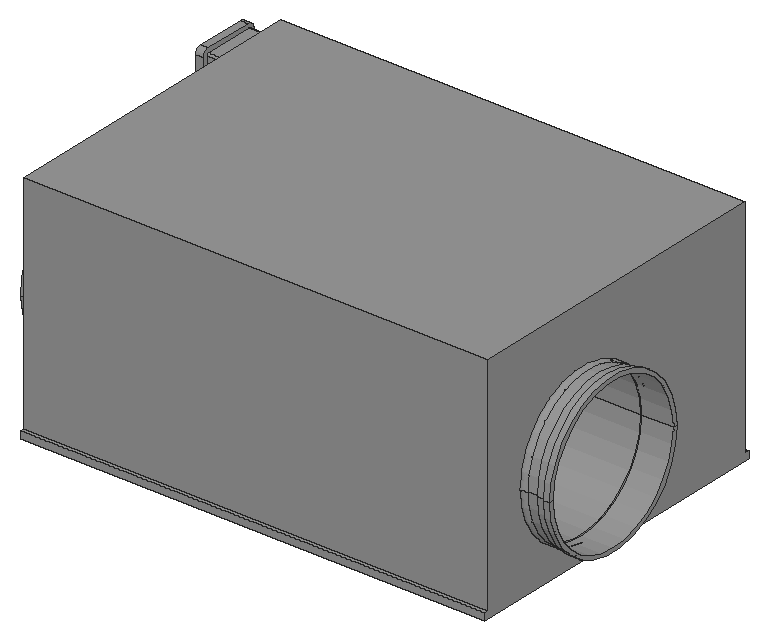
Revit family "IRB 200 A1 AC_7880035", category Mechanical Equipment, Revit 2014
Parameters (values of type "IRB 200 A1 AC")
  Wiring diagram = "4040001"
  Width = 702 mm
  Weight = 19.00 kg
  Voltage range = "220-240"
  Voltage = 230 V
  Speed = "2520 rpm"
  Sound pressure level at 3 m = "44 dB(A)"
  Power = 105 W
  Phase = 1
  Max. temperature of transported air when speed controlled = 70 °C
  Max. temperature of transported air = 70 °C
  Main Material = Steel, Galvanized
  Height = 507 mm
  Frequency = 50 Hz
  Elevation [instance] = 2600 mm
  Diameter = 200 mm
  Description = "Insulated duct fans with circular connections"
  Depth = 308 mm
  Current = 0.46 A
  Capacitor = "3"
Reference planes
  plane 1 "Center (Front/Back)": y = 0
  plane 2: z = 0
  plane 3 "Center (Left/Right)": x = 0
  plane 4: z = 2600
Dimensions and locks
  "Elevation": plane 4 to plane 2
  aligned and locked: level to plane 2
  aligned and locked: plane 1 "Center (Front/Back)" to nested 1
  aligned and locked: plane 3 "Center (Left/Right)" to nested 1
  aligned and locked: nested 1 to plane 4
  aligned and locked: nested 1 to nested 2  (x2)
Nested families
  nested 1: "IRB 200 A1 AC GEOMETRY" at (0, 0, 2600), type "IRB 200 A1 AC GEOMETRY"
  nested 2: "Flow direction symbol" at (0, 0, 0), type "Flow direction symbol"
Connectors
  electrical at (-351, 167.5, 2856.5), driven by "Phase", driven by "Voltage", driven by "Power"
    settings: on nested 1, index 1, voltage 230 V, apparent load 0 VA, apparent load phase1 105 VA, apparent load phase2 0 VA, apparent load phase3 0 VA, power factor 1, load classification "HVAC", number of poles 1, system type 31, power factor state 1, is connector primary yes, connector utility no, sub classification motor no, connector description ""
  hvac at (-351, -59, 2731.124), driven by "Diameter"
    settings: on nested 1, index 2, duct flow 0.0 L/s, flow factor 0, pres drop 0.0 Pa, loss coef 0, conn angle 0.00°, conn width 304.8 mm, conn height 304.8 mm, conn diameter 200 mm, duct sys type 1, conn prof type 0, flow config 0, flow direction 1, loss method 0, conn ref index -1, conn util no, is conn primary yes, conn desc ""
  hvac at (351, -59, 2731.124), driven by "Diameter"
    settings: on nested 1, index 3, duct flow 0.0 L/s, flow factor 0, pres drop 0.0 Pa, loss coef 0, conn angle 0.00°, conn width 304.8 mm, conn height 304.8 mm, conn diameter 200 mm, duct sys type 3, conn prof type 0, flow config 0, flow direction 2, loss method 0, conn ref index -1, conn util no, is conn primary no, conn desc ""
Definition of nested family "IRB 200 A1 AC GEOMETRY"
  Parameters (values of type "03_IRB 200 A1 AC GEOMETRY")
    Main Material = Steel, Galvanized
    Description = ""
  Reference planes
    plane 1 "Center (Front/Back)": y = 0
    plane 2: z = 0
    plane 3 "Center (Left/Right)": x = 0
    plane 4: z = 308
    plane 5 "Horizontal Pipe Axis": z = 131.124
    plane 6: z = 10
    plane 7: z = 298
    plane 8: x = -308
    plane 9: x = 308
    plane 10: x = 351
    plane 11: y = 219
    plane 12: y = -219
    plane 13 "Vertical Pipe Axis": y = -59
    plane 14: y = 209
    plane 15: x = -351
    plane 16: x = -341
  Forms (mm)
    Extrusion 1, solid, material "Steel, Galvanized" <- "Main Material", detail levels medium+fine
      sketch origin (0, 0, 0) x (0, 1, 0) y (0, 0, 1)
        loop
          line (-219, 0) -> (219, 0) -> (219, 10) -> (214, 10) -> (214, 11) -> (214, 308) -> (-214, 308) -> (-214, 10) -> (-219, 10) -> (-219, 0)
      from -308 to 308
    Extrusion 2, void
      sketch origin (0, 0, 0) x (0, 1, 0) y (0, 0, 1)
        loop
          circle (-59, 131.124) r 100
      from -809.837 to 500.936
    Extrusion 3, solid, material "Steel, Galvanized" <- "Main Material", detail levels coarse
      sketch origin (0, 0, 0) x (0, 1, 0) y (0, 0, 1)
        loop
          circle (-59, 131.124) r 100
      from 308 to 351
    Extrusion 4, solid, material "Steel, Galvanized" <- "Main Material", detail levels coarse
      sketch origin (0, 0, 0) x (0, 1, 0) y (0, 0, -1)
        loop
          circle (-59, -131.124) r 100
      from 308 to 351
    Extrusion 5, solid, material "Steel, Galvanized" <- "Main Material", detail levels coarse
      sketch origin (0, 0, 0) x (0, 1, 0) y (0, 0, 1)
        loop
          line (219, 308) -> (-219, 308) -> (-219, 0) -> (219, 0) -> (219, 308)
      from -308 to 308
    Sweep 6, solid, material "Plastic, Opaque White", detail levels fine
      path origin (0, 0, 0) x (1, 0, 0) y (0, 1, 0)
        loop
          line (-341, 209) -> (-351, 209)
      profile origin (-346, 209, 0) x (0, -1, 0) y (0, 0, 1)
        loop
          arc (8.073, 298) -> (2.365, 295.635) -> (0, 289.927) r 8.073
          line (0, 289.927) -> (0, 223.073)
          arc (0, 223.073) -> (2.365, 217.365) -> (8.073, 215) r 8.073
          line (8.073, 215) -> (74.927, 215)
          arc (74.927, 215) -> (80.635, 217.365) -> (83, 223.073) r 8.073
          line (83, 223.073) -> (83, 289.927)
          arc (83, 289.927) -> (80.635, 295.635) -> (74.927, 298) r 8.073
          line (74.927, 298) -> (8.073, 298)
    Sweep 7, solid, material "Plastic, Opaque White", detail levels fine
      path origin (0, 0, 0) x (1, 0, 0) y (0, 1, 0)
        loop
          line (-341, 167.5) -> (-308, 167.5)
      profile origin (-324.5, 167.5, 0) x (0, 1, 0) y (0, 0, 1)
        loop
          line (33.427, 293) -> (-33.427, 293)
          arc (-33.427, 293) -> (-35.6, 292.1) -> (-36.5, 289.927) r 3.073
          line (-36.5, 289.927) -> (-36.5, 223.073)
          arc (-36.5, 223.073) -> (-35.6, 220.9) -> (-33.427, 220) r 3.073
          line (-33.427, 220) -> (33.427, 220)
          arc (33.427, 220) -> (35.6, 220.9) -> (36.5, 223.073) r 3.073
          line (36.5, 223.073) -> (36.5, 289.927)
          arc (36.5, 289.927) -> (35.6, 292.1) -> (33.427, 293) r 3.073
    Revolve 8, solid, material "Steel, Galvanized" <- "Main Material", detail levels medium+fine
      sketch origin (0, 0, 131.124) x (-1, 0, 0) y (0, -1, 0)
        loop
          line (351, -41) -> (351, 59) -> (308, 59) -> (308, -42)
          arc (308, -42) -> (313, -44.055) -> (318, -42) r 7.111
          line (318, -42) -> (333, -42) -> (333, -44) -> (343, -44) -> (343, -46) -> (351, -46) -> (351, -41)
        axis (308, 59) -> (351, 59)
      angle from 0 to 360
    Revolve 9, solid, material "Steel, Galvanized" <- "Main Material", detail levels medium+fine
      sketch origin (0, 0, 131.124) x (1, 0, 0) y (0, -1, 0)
        loop
          line (351, -41) -> (351, 59) -> (308, 59) -> (308, -42)
          arc (308, -42) -> (313, -44.055) -> (318, -42) r 7.111
          line (318, -42) -> (333, -42) -> (333, -44) -> (343, -44) -> (343, -46) -> (351, -46) -> (351, -41)
        axis (308, 59) -> (351, 59)
      angle from 0 to 360
  Cuts and joins
    Extrusion 2 cuts Extrusion 1
    joined: Sweep 6, Sweep 7
    Extrusion 2 cuts Revolve 9
    Extrusion 2 cuts Revolve 8
  Dimensions and locks
    plane 3 "Center (Left/Right)" to plane 10 = 351 mm
    plane 4 to plane 5 "Horizontal Pipe Axis" = 176.876 mm  (x2)
    plane 4 to level = 308 mm
    locked: plane 11 to plane 14 at 10
    locked: plane 4 to plane 7 at 10
    locked: plane 15 to plane 8 at 43
    locked: plane 9 to plane 10 at 43
    locked: plane 12 to plane 13 "Vertical Pipe Axis" at 160
    locked: plane 15 to plane 16 at 10
    equal spacing: plane 15, plane 3 "Center (Left/Right)", plane 10
    aligned and locked: level to plane 2
    aligned and locked: Extrusion 1 sketch curve to plane 12
    aligned and locked: plane 2 to Extrusion 1 sketch curve
    aligned and locked: Extrusion 1 sketch curve to plane 11
    aligned and locked: Extrusion 1 to plane 9
    aligned and locked: Extrusion 1 to plane 8
    aligned and locked: Extrusion 3 to plane 10
    aligned and locked: plane 9 to Extrusion 3
    aligned and locked: plane 8 to Extrusion 4
    aligned and locked: Extrusion 4 to plane 8  (x2)
    aligned and locked: plane 4 to Extrusion 5 sketch curve
    aligned and locked: plane 11 to Extrusion 5 sketch curve
    aligned and locked: Extrusion 5 sketch curve to cut or joined group of Extrusion 1, Extrusion 2  (x2)
    aligned and locked: Extrusion 5 to plane 8
    aligned and locked: Extrusion 5 to plane 9
    aligned and locked: Sweep 6 sketch curve to plane 7
    aligned and locked: Sweep 6 sketch curve to plane 14
    aligned and locked: plane 8 to Sweep 7 sketch curve
    aligned and locked: plane 16 to Sweep 7 sketch curve
    aligned and locked: plane 16 to Sweep 6 sketch curve
    aligned and locked: plane 15 to Sweep 6 sketch curve
    aligned and locked: Extrusion 4 to plane 15
    aligned and locked: Extrusion 3 to plane 9
    aligned and locked: plane 10 to Extrusion 3
    aligned and locked: Revolve 8 sketch curve to Revolve 8 sketch curve  (x2)
    aligned and locked: Revolve 9 sketch curve to Revolve 9 sketch curve  (x2)
    aligned and locked: plane 9 to Revolve 9
    aligned and locked: plane 10 to Revolve 9
  Automatic sketch dimensions
    Extrusion 1 sketch curve to plane 4 = 0 mm
    Extrusion 1 sketch curve to plane 6 = 0 mm  (x2)
    Extrusion 1 sketch curve to plane 12 = 5 mm
    Extrusion 1 sketch curve to plane 11 = 5 mm
    plane 6 to Extrusion 1 sketch curve = 1 mm
    Extrusion 2 sketch curve to plane 5 "Horizontal Pipe Axis" = 0 mm
    Extrusion 2 sketch curve to plane 13 "Vertical Pipe Axis" = 0 mm
    Extrusion 3 sketch curve to plane 5 "Horizontal Pipe Axis" = 0 mm
    Extrusion 3 sketch curve to plane 13 "Vertical Pipe Axis" = 0 mm
    Extrusion 4 sketch curve to plane 5 "Horizontal Pipe Axis" = 0 mm
    Extrusion 4 sketch curve to plane 13 "Vertical Pipe Axis" = 0 mm
    Sweep 6 sketch curve to plane 14 = 0 mm
    Sweep 6 sketch curve to profile plane = 8.073 mm  (x2)
    Sweep 6 sketch curve to Sweep 6 sketch curve = 66.854 mm  (x3)
    Sweep 6 sketch curve to Sweep 6 sketch curve = 8.073 mm
    Sweep 7 sketch curve to plane 14 = 41.5 mm
    profile plane to Sweep 7 sketch curve = 36.5 mm
    Sweep 7 sketch curve to Sweep 7 sketch curve = 3.073 mm  (x3)
    Sweep 7 sketch curve to profile plane = 33.427 mm  (x2)
    level to Sweep 7 sketch curve = 220 mm
    Sweep 7 sketch curve to Sweep 7 sketch curve = 66.854 mm
    Revolve 8 sketch curve to plane 8 = 0 mm
    Revolve 8 sketch curve to plane 15 = 0 mm
    plane 13 "Vertical Pipe Axis" to Revolve 8 sketch curve = 0 mm
    Revolve 8 sketch curve to plane 8 = 5 mm
    Revolve 8 sketch curve to Revolve 8 sketch curve = 5 mm
    plane 16 to Revolve 8 sketch curve = 8 mm
    Revolve 8 sketch curve to plane 16 = 2 mm
    Revolve 8 sketch curve to plane 1 "Center (Front/Back)" = 36.944 mm
    Revolve 8 sketch curve to Revolve 8 sketch curve = 4.056 mm
    Revolve 8 sketch curve to Revolve 8 sketch curve = 5.056 mm
    Revolve 8 sketch curve to Revolve 8 sketch curve = 2 mm  (x2)
    Revolve 8 sketch curve to plane 15 = 52 mm
    Revolve 9 sketch curve to plane 9 = 0 mm
    Revolve 9 sketch curve to plane 10 = 0 mm
    plane 13 "Vertical Pipe Axis" to Revolve 9 sketch curve = 0 mm
    plane 9 to Revolve 9 sketch curve = 5 mm
    Revolve 9 sketch curve to Revolve 9 sketch curve = 5 mm
    Revolve 9 sketch curve to Revolve 9 sketch curve = 15 mm
    Revolve 9 sketch curve to plane 10 = 8 mm
    plane 1 "Center (Front/Back)" to Revolve 9 sketch curve = 36.944 mm
    Revolve 9 sketch curve to Revolve 9 sketch curve = 4.056 mm
    Revolve 9 sketch curve to Revolve 9 sketch curve = 5.056 mm
    Revolve 9 sketch curve to Revolve 9 sketch curve = 2 mm  (x2)
    plane 10 to Revolve 9 sketch curve = 52 mm
    radius of Extrusion 2 sketch curve = 100 mm
    radius of Extrusion 3 sketch curve = 100 mm
    radius of Extrusion 4 sketch curve = 100 mm
Definition of nested family "Flow direction symbol"
  Parameters (values of type "Flow direction symbol")
    Warning = "!"
    Text = "DIMENSIONS OVERCONSTRAINT"
  Reference planes
    plane 1: y = 0
    plane 2: x = 0
  Lines and regions (mm)
    detail lines
      curve 1: line (-0.506, 0.877, 0) -> (-0.506, -0.877, 0)
      curve 2: line (1.012, 0, 0) -> (-0.506, -0.877, 0)
      curve 3: line (-0.506, 0.877, 0) -> (1.012, 0, 0)
      curve 4: circle (0, 0, 0) r 1 normal (0, 0, 1)
